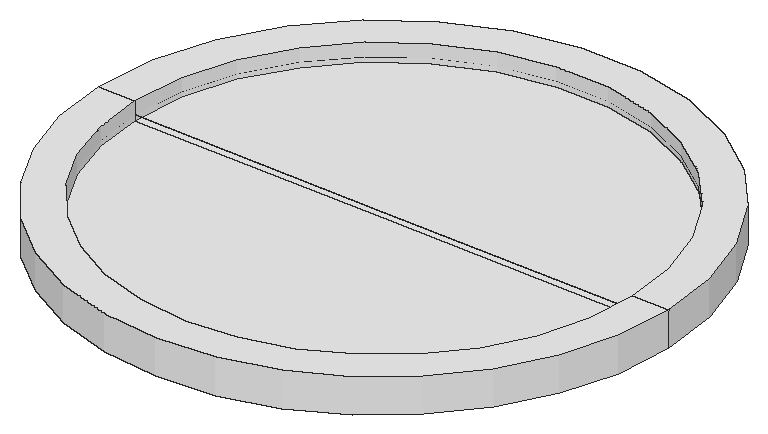
Revit family "LBSE-RD", category Lighting Fixtures, host Face, Revit 2021
Family settings
  Host = Face
  Round Connector Dimension = Use Diameter
  Part Type = Normal
  OmniClass Number = 23.80.70.11.14.11
  OmniClass Title = Downlights
  Cut with Voids When Loaded = No
  Light Source = Yes
  Shared = Yes
  Room Calculation Point = No
Parameters (values of type "LBSE-8RD")
  Width = 8.00"
  Wattage Comments = ""
  Wattage = 25 W
  Warranty = "Five Year warranty"  # constant formula
  built-in parameter 1150110 = 1 (stored number, unit not read)
  Voltage = if(Is 120V, 120 V, 277 V)  # 120 V
  URL = "https://www.currentlighting.com/prescolite"
  built-in parameter 1114217 = 1 (stored number, unit not read)
  Tilt Angle = -90.00°
  built-in parameter 1150109 = 1 (stored number, unit not read)
  built-in parameter 1150134 = (empty or 0)
  built-in parameter 1150113 = 1 (stored number, unit not read)
  Product Page URL = ""
  Product Material = Paint - White
  Product Documentation Link = ""
  Photometric Web Link = ""
  Photometric Web File = "LBSE-8RD-30K8.ies"
  Photometric Notes = "More IES files download on Photometric Web Link"  # constant formula
  Model = "LBSE-RD"
  Manufacturer = "Prescolite"  # constant formula
  built-in parameter 1150105 = 175.07 (stored number, unit not read)
  Lumens = 2200 lm
  built-in parameter 1150115 = 1 (stored number, unit not read)
  Load Classification = Lighting
  built-in parameter 1150137 = (empty or 0)
  built-in parameter 1150139 = (empty or 0)
  built-in parameter 1150112 = 1 (stored number, unit not read)
  built-in parameter 1150114 = 1 (stored number, unit not read)
  Lamp = " LED's"  # constant formula
  Is 277V = not(Is 120V)  # no
  Is 120V = yes
  built-in parameter 1150132 = (empty or 0)
  built-in parameter 1150102 = (empty or 0)
  built-in parameter 1150107 = 3000 (stored number, unit not read)
  built-in parameter 1150138 = (empty or 0)
  built-in parameter 1150106 = 1.7507 (stored number, unit not read)
  Glass = White Glass
  Frequency = 60 Hz  # constant formula
  Emit from Circle Diameter = 7.50"
  Emit Shape Visible in Rendering = yes
  built-in parameter 1150104 = 8.1755 (stored number, unit not read)
  Dimming Lamp Color Temperature Shift = <None>
  Description = "LITEBOX® Edge-Lit Round Fixed CCT Direct J-Box Mount"  # constant formula
  Default Elevation = 48.00"
  Copyrights = "© Prescolite"  # constant formula
  Contact Us = ""
  Connector Description = "Lighting Connector"  # constant formula
  Color Filter = 16777215
  Certifications = "cETLus listed to UL1598\r\n• Can be used in direct contact with insulation\r\n(IC Rated)\r\n• Suitable for wet locations, covered ceiling\r\n• Suitable for use in clothes closets when\r\ninstalled in accordance to N.E.C. 410.16\r\n• ENERGY STAR® certified"  # constant formula
  built-in parameter 1114218 = 1 (stored number, unit not read)
  built-in parameter 1150133 = 10 (stored number, unit not read)
  Apparent Load = 52 VA
Types (4): name | Width | Photometric Web File | Emit from Circle Diameter
  (no name) | 8.00" | "LBSE-8RD-30K8.ies" | 7.50"
  LBSE-4RD | 4.16016" | "LBSE-4RD-30K8.ies" | 3.00"
  LBSE-6RD | 6.00" | "LBSE-6RD-30K8.ies" | 5.00"
  LBSE-8RD | 8.00" | "LBSE-8RD-30K8.ies" | 7.50"
Reference planes (in)
  plane 1 "Center (Front/Back)": y = 0
  plane 2: z = 0
  plane 3 "Center (Left/Right)": x = 0
  plane 4: y = 3
  plane 5: y = -3
  plane 6: y = 2
  plane 7: y = -2
  plane 8: x = -4
  plane 9: x = 4
  plane 10: z = 0.48047
  plane 11: z = 1.41016
  plane 12: x = 3.5
Forms (in)
  Extrusion 1, void
    sketch origin (0, 0, 0) x (1, 0, 0) y (0, 1, 0)
      loop
        circle (0, 0) r 2
    from -1.25 to 0
  Revolve 2, solid, material "Paint - White" <- "Product Material"
    sketch origin (0, 0, 0) x (1, 0, 0) y (0, 0, 1)
      loop
        line (0, 0) -> (4, 0) -> (4, 0.48047) -> (3.5, 0.48047) -> (3.5, 0.23047) -> (0, 0.23047) -> (0, 0)
      axis (0, 0.48047) -> (0, 0)
    angle from 0 to 360
  Revolve 3, solid, material "Paint - White" <- "Product Material"
    sketch origin (0, 0, 0) x (1, 0, 0) y (0, 0, 1)
      loop
        line (0, 0) -> (0, -0.93) -> (1, -0.93) -> (1, 0) -> (0, 0)
      axis (0, 0) -> (0, -0.93)
    angle from 0 to 360
  Revolve 4, solid, material "White Glass" <- "Glass"
    sketch origin (0, 0, 0) x (1, 0, 0) y (0, 0, 1)
      loop
        line (0, 0.23047) -> (3.5, 0.23047) -> (3.5, 0.30213) -> (0, 0.30213) -> (0, 0.23047)
      axis (0, 0.30213) -> (0, 0.23047)
    angle from 0 to 360
Dimensions and locks (in)
  "Width": plane 9 to plane 8
  equal spacing: plane 9, plane 3 "Center (Left/Right)", plane 8
  locked: plane 9 to plane 12 at 0.5
  radius of Extrusion 1 sketch curve = 2.00"
  aligned and locked: plane 2 to host face
  aligned and locked: level to host face
  aligned and locked: level to Extrusion 1
  aligned and locked: plane 1 "Center (Front/Back)" to Extrusion 1 sketch curve
  aligned and locked: plane 3 "Center (Left/Right)" to Extrusion 1 sketch curve
  aligned and locked: Revolve 2 sketch curve to plane 3 "Center (Left/Right)"
  aligned and locked: plane 9 to Revolve 2 sketch curve
  aligned and locked: Revolve 2 sketch curve to plane 12
  aligned and locked: Revolve 2 sketch curve to plane 10
  aligned and locked: Revolve 3 sketch curve to plane 3 "Center (Left/Right)"
Automatic sketch dimensions
  host sketch curve to host sketch curve = 96.00"  (x2)
  Revolve 2 sketch curve to plane 3 "Center (Left/Right)" = 0.00"
  Revolve 2 sketch curve to level = 0.00"
  level to Revolve 2 sketch curve = 0.23047"
  Revolve 2 sketch curve to Revolve 2 sketch curve = 24.00"
  Revolve 2 sketch curve to plane 11 = 26.23402"
  Revolve 3 sketch curve to level = 0.00"
  Revolve 3 sketch curve to plane 3 "Center (Left/Right)" = 0.00"
  plane 3 "Center (Left/Right)" to Revolve 3 sketch curve = 1.00"
  Revolve 3 sketch curve to level = 0.93"
  Revolve 3 sketch curve to Revolve 3 sketch curve = 23.07"
  Revolve 3 sketch curve to plane 11 = 26.23402"
  Revolve 4 sketch curve to plane 3 "Center (Left/Right)" = 0.00"  (x2)
  Revolve 4 sketch curve to plane 12 = 0.00"
  level to Revolve 4 sketch curve = 0.23047"
  Revolve 4 sketch curve to Revolve 4 sketch curve = 0.07167"
  Revolve 4 sketch curve to level = 24.00"
  Revolve 4 sketch curve to plane 11 = 26.23402"
Connectors (in)
  electrical at (0, 0, 0), driven by "Connector Description", driven by "Voltage", driven by "Apparent Load", driven by "Load Classification"
    settings: on host face, index 1, voltage 120 V, apparent load 52 VA, apparent load phase1 0 VA, apparent load phase2 0 VA, apparent load phase3 0 VA, power factor 0.9, load classification "Lighting", number of poles 1, system type 30, power factor state 1, is connector primary yes, connector utility no, sub classification motor no, connector description "Lighting Connector"
